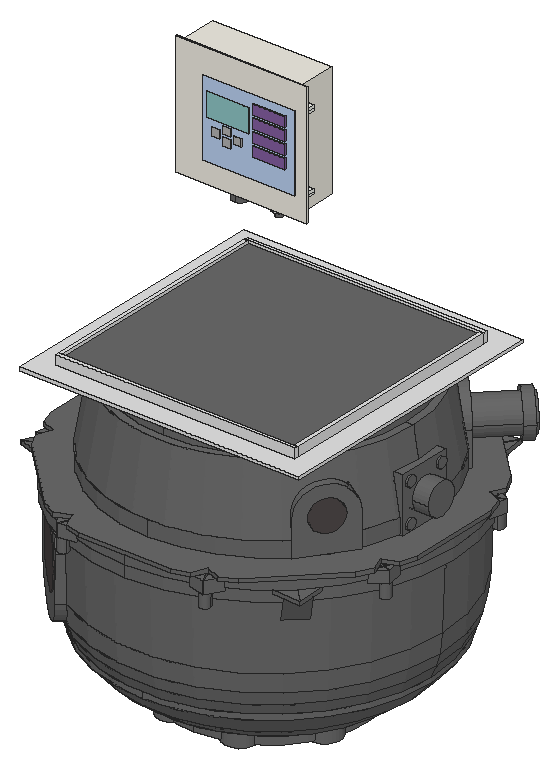
Revit family "280550s (200)", category Generic Models, Revit 2021 (continued)
Definition of nested family "280550s (200)_part2_X0Y0"
  Definition of nested family "280550s (200)_part2_content"
    Forms (mm)
      Extrusion 19, solid, detail levels medium+fine
        sketch origin (-184, -184, 473.5) x (0, 1, 0) y (0, 0, 1)
          loop
            line (0, 12) -> (0, 0) -> (368, 0) -> (368, 12) -> (0, 12)
        from 0 to 368
      Extrusion 20, solid, detail levels medium+fine
        sketch origin (0, 60, 320) x (0, -1, 0) y (0, 0, 1)
          loop
            line (0, 50) -> (0, 0) -> (120, 0) -> (120, 50) -> (0, 50)
        from 0 to 245.5
      Extrusion 21, solid, detail levels medium+fine
        sketch origin (0, 0, 370) x (0, -1, 0) y (0, 0, 1)
          loop
            circle (0, 0) r 60
        from 0 to 245.5
      Extrusion 22, solid, detail levels medium+fine
        sketch origin (-244, 0, 370) x (0, -1, 0) y (0, 0, 1)
          loop
            circle (0, 0) r 35.1
        from 0 to 1.75
      Extrusion 23, solid, detail levels medium+fine
        sketch origin (31.82, -31.82, 320) x (-0.707107, 0.707107, 0) y (0, 0, 1)
          loop
            line (0, 55.25) -> (0, 0) -> (90, 0) -> (90, 55.25) -> (0, 55.25)
        from 0 to 245.5
      Extrusion 24, solid, detail levels medium+fine
        sketch origin (0, 0, 375.25) x (-0.707107, 0.707107, 0) y (0, 0, 1)
          loop
            circle (0, 0) r 45
        from 0 to 245.5
      Extrusion 25, solid, detail levels medium+fine
        sketch origin (0, 0, 370) x (-0.707107, 0.707107, 0) y (0, 0, 1)
          loop
            circle (0, 0) r 27.7
        from 0 to 311.36
      Extrusion 26, solid, detail levels medium+fine
        sketch origin (0, 27.5, 332.75) x (0, 1, 0) y (0, 0, 1)
          loop
            circle (0, 0) r 8
        from 0 to 250
      Extrusion 27, solid, detail levels medium+fine
        sketch origin (0, -46.25, 320) x (0, 1, 0) y (0, 0, 1)
          loop
            line (0, 86.5) -> (0, 0) -> (86.5, 0) -> (86.5, 86.5) -> (0, 86.5)
        from 0 to 245.5
      Extrusion 28, solid, detail levels medium+fine
        sketch origin (0, -3, 363.25) x (0, 1, 0) y (0, 0, 1)
          loop
            circle (0, 0) r 24.75
        from 0 to 272.5
      Extrusion 29, solid, detail levels medium+fine
        sketch origin (0, 27.5, 393.75) x (0, 1, 0) y (0, 0, 1)
          loop
            circle (0, 0) r 8
        from 0 to 250
      Extrusion 30, solid, detail levels medium+fine
        sketch origin (0, -33.5, 332.75) x (0, 1, 0) y (0, 0, 1)
          loop
            circle (0, 0) r 8
        from 0 to 250
      Extrusion 31, solid, detail levels medium+fine
        sketch origin (0, -33.5, 393.75) x (0, 1, 0) y (0, 0, 1)
          loop
            circle (0, 0) r 8
        from 0 to 250
      Extrusion 32, solid, detail levels medium+fine
        sketch origin (0, 0, 375.25) x (0.573577, 0.819152, 0) y (0, 0, 1)
          loop
            line (-45, 0) -> (-45, -55.25) -> (45, -55.25) -> (45, 0)
            arc (45, 0) -> (0, 45) -> (-45, 0) r 45
        from 0 to 245.5
      Extrusion 33, solid, detail levels medium+fine
        sketch origin (199.873, -139.953, 375.25) x (0.573577, 0.819152, 0) y (0, 0, 1)
          loop
            circle (0, 0) r 25
        from 0 to 1.75
      Extrusion 34, solid, detail levels medium+fine
        sketch origin (-53.002, 127.957, 0) x (-0.92388, -0.382683, 0) y (0.382683, -0.92388, 0)
          loop
            circle (0, 0) r 25
        from 0 to 28.5
      Extrusion 35, solid, detail levels medium+fine
        sketch origin (-127.957, -53.002, 0) x (0.382683, -0.92388, 0) y (0.92388, 0.382683, 0)
          loop
            circle (0, 0) r 25
        from 0 to 28.5
      Extrusion 36, solid, detail levels medium+fine
        sketch origin (53.002, -127.957, 0) x (0.92388, 0.382683, 0) y (-0.382683, 0.92388, 0)
          loop
            circle (0, 0) r 25
        from 0 to 28.5
      Extrusion 37, solid, detail levels medium+fine
        sketch origin (53.002, 127.957, 0) x (-0.923879, 0.382684, 0) y (-0.382684, -0.923879, 0)
          loop
            circle (0, 0) r 25
        from 0 to 28.5
      Extrusion 38, solid, detail levels medium+fine
        sketch origin (-127.957, 53.002, 0) x (-0.382684, -0.923879, 0) y (0.923879, -0.382684, 0)
          loop
            circle (0, 0) r 25
        from 0 to 28.5
      Extrusion 39, solid, detail levels medium+fine
        sketch origin (-53.002, -127.957, 0) x (0.923879, -0.382684, 0) y (0.382684, 0.923879, 0)
          loop
            circle (0, 0) r 25
        from 0 to 28.5
      Extrusion 40, solid, detail levels medium+fine
        sketch origin (127.957, -53.002, 0) x (0.382684, 0.923879, 0) y (-0.923879, 0.382684, 0)
          loop
            circle (0, 0) r 25
        from 0 to 28.5
      Extrusion 41, solid, detail levels medium+fine
        sketch origin (127.957, 53.002, 0) x (-0.382683, 0.92388, 0) y (-0.92388, -0.382683, 0)
          loop
            circle (0, 0) r 25
        from 0 to 28.5
      Extrusion 42, solid, detail levels medium+fine
        sketch origin (0, 0, 209) x (0, -1, 0) y (0, 0, 1)
          loop
            line (-72.693, 35.337) -> (-68.918, -37.767)
            arc (-68.918, -37.767) -> (-63.198, -56.139) -> (-50.593, -70.678) r 46.983
            line (-50.593, -70.678) -> (-49.193, -71.697)
            arc (-49.193, -71.697) -> (-25.794, -83.147) -> (0, -86.788) r 83.079
            arc (0, -86.788) -> (25.794, -83.147) -> (49.193, -71.697) r 83.079
            line (49.193, -71.697) -> (50.593, -70.678)
            arc (50.593, -70.678) -> (63.198, -56.139) -> (68.918, -37.767) r 46.983
            line (68.918, -37.767) -> (72.693, 35.337)
            arc (72.693, 35.337) -> (71.616, 38.805) -> (69.783, 41.939) r 15.989
            arc (69.783, 41.939) -> (60.032, 51.336) -> (48.652, 58.679) r 69.984
            line (48.652, 58.679) -> (47.252, 59.417)
            arc (47.252, 59.417) -> (24.369, 68.322) -> (0, 71.344) r 99.373
            arc (0, 71.344) -> (-24.369, 68.322) -> (-47.252, 59.417) r 99.373
            line (-47.252, 59.417) -> (-48.652, 58.679)
            arc (-48.652, 58.679) -> (-60.032, 51.336) -> (-69.783, 41.939) r 69.984
            arc (-69.783, 41.939) -> (-71.616, 38.805) -> (-72.693, 35.337) r 15.989
        from 0 to 277.5
      Extrusion 43, solid, detail levels medium+fine
        sketch origin (0, 0, 209) x (0, -1, 0) y (0, 0, 1)
          loop
            circle (0, 0) r 55
        from 0 to 326
      Extrusion 44, solid, detail levels medium+fine
        sketch origin (0, 0, 209) x (0.707107, -0.707107, 0) y (0, 0, 1)
          loop
            line (-72.693, 35.337) -> (-68.918, -37.767)
            arc (-68.918, -37.767) -> (-63.198, -56.139) -> (-50.593, -70.678) r 46.983
            line (-50.593, -70.678) -> (-49.193, -71.697)
            arc (-49.193, -71.697) -> (-25.794, -83.147) -> (0, -86.788) r 83.079
            arc (0, -86.788) -> (25.794, -83.147) -> (49.193, -71.697) r 83.079
            line (49.193, -71.697) -> (50.593, -70.678)
            arc (50.593, -70.678) -> (63.198, -56.139) -> (68.918, -37.767) r 46.983
            line (68.918, -37.767) -> (72.693, 35.337)
            arc (72.693, 35.337) -> (71.616, 38.805) -> (69.783, 41.939) r 15.989
            arc (69.783, 41.939) -> (60.032, 51.336) -> (48.652, 58.679) r 69.984
            line (48.652, 58.679) -> (47.252, 59.417)
            arc (47.252, 59.417) -> (24.369, 68.322) -> (0, 71.344) r 99.373
            arc (0, 71.344) -> (-24.369, 68.322) -> (-47.252, 59.417) r 99.373
            line (-47.252, 59.417) -> (-48.652, 58.679)
            arc (-48.652, 58.679) -> (-60.032, 51.336) -> (-69.783, 41.939) r 69.984
            arc (-69.783, 41.939) -> (-71.616, 38.805) -> (-72.693, 35.337) r 15.989
        from 0 to 277.5
      Extrusion 45, solid, detail levels medium+fine
        sketch origin (0, 0, 209) x (-0.707107, -0.707107, 0) y (0, 0, 1)
          loop
            line (-72.693, 35.337) -> (-68.918, -37.767)
            arc (-68.918, -37.767) -> (-63.198, -56.139) -> (-50.593, -70.678) r 46.983
            line (-50.593, -70.678) -> (-49.193, -71.697)
            arc (-49.193, -71.697) -> (-25.794, -83.147) -> (0, -86.788) r 83.079
            arc (0, -86.788) -> (25.794, -83.147) -> (49.193, -71.697) r 83.079
            line (49.193, -71.697) -> (50.593, -70.678)
            arc (50.593, -70.678) -> (63.198, -56.139) -> (68.918, -37.767) r 46.983
            line (68.918, -37.767) -> (72.693, 35.337)
            arc (72.693, 35.337) -> (71.616, 38.805) -> (69.783, 41.939) r 15.989
            arc (69.783, 41.939) -> (60.032, 51.336) -> (48.652, 58.679) r 69.984
            line (48.652, 58.679) -> (47.252, 59.417)
            arc (47.252, 59.417) -> (24.369, 68.322) -> (0, 71.344) r 99.373
            arc (0, 71.344) -> (-24.369, 68.322) -> (-47.252, 59.417) r 99.373
            line (-47.252, 59.417) -> (-48.652, 58.679)
            arc (-48.652, 58.679) -> (-60.032, 51.336) -> (-69.783, 41.939) r 69.984
            arc (-69.783, 41.939) -> (-71.616, 38.805) -> (-72.693, 35.337) r 15.989
        from 0 to 277.5
      Extrusion 46, solid, detail levels medium+fine
        sketch origin (-195.161, -195.161, 209) x (0.707107, -0.707107, 0) y (0, 0, 1)
          loop
            circle (0, 0) r 50.1
        from 0 to 1.75
      Extrusion 47, solid, detail levels medium+fine
        sketch origin (-195.162, 195.162, 209) x (-0.707107, -0.707107, 0) y (0, 0, 1)
          loop
            circle (0, 0) r 50.1
        from 0 to 1.75
      Extrusion 48, solid, detail levels medium+fine
        sketch origin (220.165, 220.165, 370) x (-0.707107, 0.707107, 0) y (0, 0, 1)
          loop
            circle (0, 0) r 34.75
        from 0 to 15.7
      Extrusion 49, solid, detail levels medium+fine
        sketch origin (230.559, 230.559, 370) x (-0.707107, 0.707107, 0) y (0, 0, 1)
          loop
            circle (0, 0) r 27.7
        from 0 to 4.8
      Extrusion 50, solid, detail levels medium+fine
        sketch origin (232.893, 232.893, 370) x (-0.707107, 0.707107, 0) y (0, 0, 1)
          loop
            circle (0, 0) r 20
        from 0 to 1.7
      Extrusion 51, solid, detail levels medium+fine
        sketch origin (240.105, 225.963, 364) x (-0.707107, 0.707107, 0) y (0, 0, 1)
          loop
            circle (0, 0) r 4.2
        from 0 to 1.8
      Extrusion 52, solid, detail levels medium+fine
        sketch origin (240.105, 225.963, 376) x (-0.707107, 0.707107, 0) y (0, 0, 1)
          loop
            circle (0, 0) r 4.2
        from 0 to 1.8
      Extrusion 53, solid, detail levels medium+fine
        sketch origin (225.963, 240.105, 376) x (-0.707107, 0.707107, 0) y (0, 0, 1)
          loop
            circle (0, 0) r 4.2
        from 0 to 1.8
      Extrusion 54, solid, detail levels medium+fine
        sketch origin (225.963, 240.105, 364) x (-0.707107, 0.707107, 0) y (0, 0, 1)
          loop
            circle (0, 0) r 4.2
        from 0 to 1.8
      Extrusion 55, solid, detail levels medium+fine
        sketch origin (-259.107, -87.843, 294.5) x (-0.92388, -0.382683, 0) y (0, 0, -1)
          loop
            line (0, 48.5) -> (0, 0) -> (29.9, 0) -> (0, 48.5)
        from 0 to 36
      Extrusion 56, solid, detail levels medium+fine
        sketch origin (-272.082, -112.7, 273) x (0.382683, -0.92388, 0) y (0.92388, 0.382683, 0)
          loop
            circle (0, 0) r 7.75
        from 0 to 21.5
      Extrusion 57, solid, detail levels medium+fine
        sketch origin (-265.153, -109.83, 300) x (-0.92388, -0.382683, 0) y (-0.382683, 0.92388, 0)
          loop
            line (36.5, 0) -> (0, 0) -> (0, -32) -> (36.5, 0)
        from 0 to 5.5
      Extrusion 58, solid, detail levels medium+fine
        sketch origin (-265.153, -109.83, 314) x (-0.92388, -0.382683, 0) y (-0.382683, 0.92388, 0)
          loop
            line (17, 0) -> (0, 0) -> (0, -25) -> (17, 0)
        from 0 to 14
      Extrusion 59, solid, detail levels medium+fine
        sketch origin (-265.153, -109.83, 294.5) x (-0.382683, 0.92388, 0) y (-0.92388, -0.382683, 0)
          loop
            line (0, 36.5) -> (0, 0) -> (32, 0) -> (0, 36.5)
        from 0 to 5.5
      Extrusion 60, solid, detail levels medium+fine
        sketch origin (-265.153, -109.83, 300) x (-0.382683, 0.92388, 0) y (-0.92388, -0.382683, 0)
          loop
            line (0, 17) -> (0, 0) -> (25, 0) -> (0, 17)
        from 0 to 14
      Extrusion 61, solid, detail levels medium+fine
        sketch origin (-245.331, 121.102, 294.5) x (-0.923879, 0.382684, 0) y (0, 0, -1)
          loop
            line (0, 48.5) -> (0, 0) -> (29.9, 0) -> (0, 48.5)
        from 0 to 36
      Extrusion 62, solid, detail levels medium+fine
        sketch origin (-272.082, 112.7, 273) x (-0.382684, -0.923879, 0) y (0.923879, -0.382684, 0)
          loop
            circle (0, 0) r 7.75
        from 0 to 21.5
      Extrusion 63, solid, detail levels medium+fine
        sketch origin (-265.153, 109.83, 300) x (-0.923879, 0.382684, 0) y (0.382684, 0.923879, 0)
          loop
            line (36.5, 0) -> (0, 0) -> (0, -32) -> (36.5, 0)
        from 0 to 5.5
      Extrusion 64, solid, detail levels medium+fine
        sketch origin (-265.153, 109.83, 314) x (-0.923879, 0.382684, 0) y (0.382684, 0.923879, 0)
          loop
            line (17, 0) -> (0, 0) -> (0, -25) -> (17, 0)
        from 0 to 14
      Extrusion 65, solid, detail levels medium+fine
        sketch origin (-265.153, 109.83, 294.5) x (0.382684, 0.923879, 0) y (-0.923879, 0.382684, 0)
          loop
            line (0, 36.5) -> (0, 0) -> (32, 0) -> (0, 36.5)
        from 0 to 5.5
      Extrusion 66, solid, detail levels medium+fine
        sketch origin (-265.153, 109.83, 300) x (0.382684, 0.923879, 0) y (-0.923879, 0.382684, 0)
          loop
            line (0, 17) -> (0, 0) -> (25, 0) -> (0, 17)
        from 0 to 14
      Extrusion 67, solid, detail levels medium+fine
        sketch origin (-190, 184, 473.5) x (0, 1, 0) y (0, 0, 1)
          loop
            line (0, 15) -> (0, 0) -> (6, 0) -> (6, 15) -> (0, 15)
        from 0 to 380
      Extrusion 68, solid, detail levels medium+fine
        sketch origin (-190, -190, 473.5) x (0, 1, 0) y (0, 0, 1)
          loop
            line (0, 15) -> (0, 0) -> (6, 0) -> (6, 15) -> (0, 15)
        from 0 to 380
      Extrusion 69, solid, detail levels medium+fine
        sketch origin (-190, -184, 473.5) x (0, 1, 0) y (0, 0, 1)
          loop
            line (0, 15) -> (0, 0) -> (368, 0) -> (368, 15) -> (0, 15)
        from 0 to 6
      Extrusion 70, solid, detail levels medium+fine
        sketch origin (184, -184, 473.5) x (0, 1, 0) y (0, 0, 1)
          loop
            line (0, 15) -> (0, 0) -> (368, 0) -> (368, 15) -> (0, 15)
        from 0 to 6
      Extrusion 71, solid, detail levels medium+fine
        sketch origin (180.312, -205.768, 294.5) x (0.707106, -0.707107, 0) y (0, 0, -1)
          loop
            line (0, 48.5) -> (0, 0) -> (29.9, 0) -> (0, 48.5)
        from 0 to 36
      Extrusion 72, solid, detail levels medium+fine
        sketch origin (202.939, -202.939, 300) x (0.707106, -0.707107, 0) y (-0.707107, -0.707106, 0)
          loop
            line (36.5, 0) -> (0, 0) -> (0, -32) -> (36.5, 0)
        from 0 to 5.5
      Extrusion 73, solid, detail levels medium+fine
        sketch origin (202.939, -202.939, 294.5) x (-0.707107, -0.707106, 0) y (0.707106, -0.707107, 0)
          loop
            line (0, 36.5) -> (0, 0) -> (32, 0) -> (0, 36.5)
        from 0 to 5.5
      Extrusion 74, solid, detail levels medium+fine
        sketch origin (171.331, 213.304, 294.5) x (0.573577, 0.819151, 0) y (0, 0, -1)
          loop
            line (0, 48.5) -> (0, 0) -> (29.9, 0) -> (0, 48.5)
        from 0 to 36
      Extrusion 75, solid, detail levels medium+fine
        sketch origin (164.616, 235.097, 294.5) x (0.819151, -0.573577, 0) y (0.573577, 0.819151, 0)
          loop
            line (0, 36.5) -> (0, 0) -> (32, 0) -> (0, 36.5)
        from 0 to 5.5
      Extrusion 76, solid, detail levels medium+fine
        sketch origin (164.616, 235.097, 300) x (0.573577, 0.819151, 0) y (0.819151, -0.573577, 0)
          loop
            line (36.5, 0) -> (0, 0) -> (0, -32) -> (36.5, 0)
        from 0 to 5.5
      Extrusion 77, solid, detail levels medium+fine
        sketch origin (109.83, 265.153, 294.5) x (0.923879, -0.382684, 0) y (0.382684, 0.923879, 0)
          loop
            line (0, 17) -> (0, 0) -> (25, 0) -> (0, 17)
        from 0 to 19.5
      Extrusion 78, solid, detail levels medium+fine
        sketch origin (112.7, 272.082, 273) x (-0.923879, 0.382684, 0) y (-0.382684, -0.923879, 0)
          loop
            circle (0, 0) r 7.75
        from 0 to 21.5
      Extrusion 79, solid, detail levels medium+fine
        sketch origin (109.83, 265.153, 314) x (0.382684, 0.923879, 0) y (0.923879, -0.382684, 0)
          loop
            line (17, 0) -> (0, 0) -> (0, -25) -> (17, 0)
        from 0 to 19.5
      Extrusion 80, solid, detail levels medium+fine
        sketch origin (272.082, 112.7, 273) x (-0.382683, 0.92388, 0) y (-0.92388, -0.382683, 0)
          loop
            circle (0, 0) r 7.75
        from 0 to 21.5
      Extrusion 81, solid, detail levels medium+fine
        sketch origin (265.153, 109.83, 314) x (0.92388, 0.382683, 0) y (0.382683, -0.92388, 0)
          loop
            line (17, 0) -> (0, 0) -> (0, -25) -> (17, 0)
        from 0 to 19.5
      Extrusion 82, solid, detail levels medium+fine
        sketch origin (265.153, 109.83, 294.5) x (0.382683, -0.92388, 0) y (0.92388, 0.382683, 0)
          loop
            line (0, 17) -> (0, 0) -> (25, 0) -> (0, 17)
        from 0 to 19.5
      Extrusion 83, solid, detail levels medium+fine
        sketch origin (-112.7, 272.082, 273) x (-0.92388, -0.382683, 0) y (0.382683, -0.92388, 0)
          loop
            circle (0, 0) r 7.75
        from 0 to 21.5
      Extrusion 84, solid, detail levels medium+fine
        sketch origin (-109.83, 265.153, 314) x (-0.382683, 0.92388, 0) y (0.92388, 0.382683, 0)
          loop
            line (17, 0) -> (0, 0) -> (0, -25) -> (17, 0)
        from 0 to 19.5
      Extrusion 85, solid, detail levels medium+fine
        sketch origin (-109.83, 265.153, 294.5) x (0.92388, 0.382683, 0) y (-0.382683, 0.92388, 0)
          loop
            line (0, 17) -> (0, 0) -> (25, 0) -> (0, 17)
        from 0 to 19.5
      Extrusion 86, solid, detail levels medium+fine
        sketch origin (272.082, -112.7, 273) x (0.382684, 0.923879, 0) y (-0.923879, 0.382684, 0)
          loop
            circle (0, 0) r 7.75
        from 0 to 21.5
      Extrusion 87, solid, detail levels medium+fine
        sketch origin (265.153, -109.83, 294.5) x (-0.382684, -0.923879, 0) y (0.923879, -0.382684, 0)
          loop
            line (0, 17) -> (0, 0) -> (25, 0) -> (0, 17)
        from 0 to 19.5
      Extrusion 88, solid, detail levels medium+fine
        sketch origin (265.153, -109.83, 314) x (0.923879, -0.382684, 0) y (-0.382684, -0.923879, 0)
          loop
            line (17, 0) -> (0, 0) -> (0, -25) -> (17, 0)
        from 0 to 19.5
      Extrusion 89, solid, detail levels medium+fine
        sketch origin (112.7, -272.082, 273) x (0.92388, 0.382683, 0) y (-0.382683, 0.92388, 0)
          loop
            circle (0, 0) r 7.75
        from 0 to 21.5
      Extrusion 90, solid, detail levels medium+fine
        sketch origin (109.83, -265.153, 314) x (0.382683, -0.92388, 0) y (-0.92388, -0.382683, 0)
          loop
            line (17, 0) -> (0, 0) -> (0, -25) -> (17, 0)
        from 0 to 19.5
      Extrusion 91, solid, detail levels medium+fine
        sketch origin (109.83, -265.153, 294.5) x (-0.92388, -0.382683, 0) y (0.382683, -0.92388, 0)
          loop
            line (0, 17) -> (0, 0) -> (25, 0) -> (0, 17)
        from 0 to 19.5
      Extrusion 92, solid, detail levels medium+fine
        sketch origin (-112.7, -272.082, 273) x (0.923879, -0.382684, 0) y (0.382684, 0.923879, 0)
          loop
            circle (0, 0) r 7.75
        from 0 to 21.5
      Extrusion 93, solid, detail levels medium+fine
        sketch origin (-109.83, -265.153, 294.5) x (-0.923879, 0.382684, 0) y (-0.382684, -0.923879, 0)
          loop
            line (0, 17) -> (0, 0) -> (25, 0) -> (0, 17)
        from 0 to 19.5
      Extrusion 94, solid, detail levels medium+fine
        sketch origin (-109.83, -265.153, 314) x (-0.382684, -0.923879, 0) y (-0.923879, 0.382684, 0)
          loop
            line (17, 0) -> (0, 0) -> (0, -25) -> (17, 0)
        from 0 to 19.5
      Extrusion 95, solid, detail levels coarse
        sketch origin (-17.478, 0, 0) x (1, 0, 0) y (0, 1, 0)
          loop
            line (-308.522, -291.044) -> (308.522, -291.044) -> (308.522, 291.044) -> (-308.522, 291.044) -> (-308.522, -291.044)
        from 0 to 488.5
    Dimensions and locks
      aligned and locked: level to plane 2
